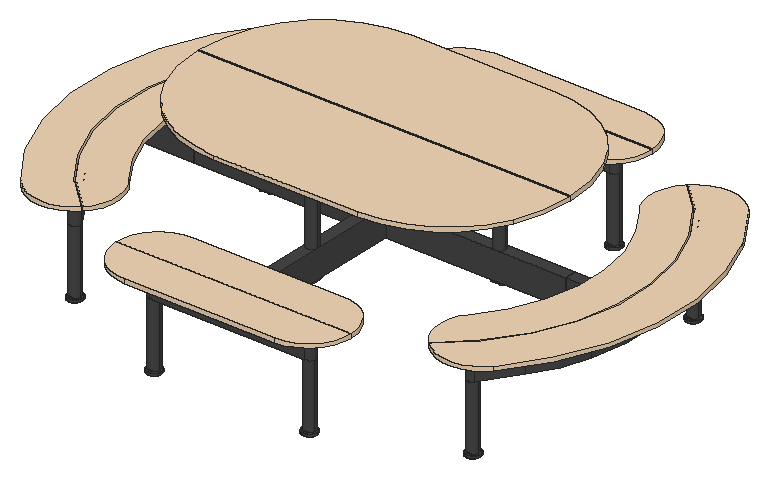
Revit family "DBLTD_TheSenatorGroup_OfficeTables_Tibo_US", category Furniture, Revit 2021 (continued)
Definition of nested family "Nested_DBLTD_TheSenatorGroup_OfficeTables_Tibo_Oval"
  Definition of nested family "Nested_DBLTD_TheSenatorGroup_OfficeTables_Tibo_EndBench"
    Forms (in)
      Extrusion 8, solid, material <- "FrameMaterial"
        sketch origin (-22.29482, -22.34042, 0) x (-0.829037, -0.559193, 0) y (0, 0, -1)
          loop
            arc (0.04845, -15.84485) -> (-0.50832, -16.07547) -> (-0.73895, -16.63225) r 0.7874
            line (-0.73895, -16.63225) -> (-0.73895, -16.88583) -> (9.79406, -16.88583) -> (9.79406, -16.63225)
            arc (9.79406, -16.63225) -> (9.56344, -16.07547) -> (9.00666, -15.84485) r 0.7874
            line (9.00666, -15.84485) -> (0.04845, -15.84485)
        from -0.89643 to -1.07208
      Extrusion 9, solid, material <- "FrameMaterial"
        sketch origin (-39.7755, 9.08434, 0) x (0.96363, -0.267238, 0) y (0, 0, 1)
          loop
            arc (9.00666, 15.84485) -> (9.56344, 16.07547) -> (9.79406, 16.63225) r 0.7874
            line (9.79406, 16.63225) -> (9.79406, 16.88583) -> (-0.73895, 16.88583) -> (-0.73895, 16.63225)
            arc (-0.73895, 16.63225) -> (-0.50832, 16.07547) -> (0.04846, 15.84485) r 0.7874
            line (0.04846, 15.84485) -> (9.00666, 15.84485)
        from -0.89642 to -1.07207
      Extrusion 10, solid, material <- "FrameMaterial"
        sketch origin (-39.7755, -9.08434, 0) x (0.96363, 0.267238, 0) y (0, 0, -1)
          loop
            line (9.00666, -15.84485) -> (0.04846, -15.84485)
            arc (0.04846, -15.84485) -> (-0.50832, -16.07547) -> (-0.73895, -16.63225) r 0.7874
            line (-0.73895, -16.63225) -> (-0.73895, -16.88583) -> (9.79406, -16.88583) -> (9.79406, -16.63225)
            arc (9.79406, -16.63225) -> (9.56344, -16.07547) -> (9.00666, -15.84485) r 0.7874
        from -0.89642 to -1.07207
    Lines and regions (in)
      symbolic lines
        curve 1: line (12.26739, 20.97279, 0) -> (12.02927, 21.11027, 0)
        curve 2: line (12.02927, -21.11027, 0) -> (12.26739, -20.97279, 0)
    Dimensions and locks (in)
      aligned and locked: level to plane 2
Types (3): name | WorksurfaceArea | Type Comments | TableType | Size | NumberOfChairs | NominalWidth | NominalDepth | ModelReference | ModelNumber | Model | Description
  Round Outdoor Table | 4.92612 m² | "Round Outdoor Table" | Nested_DBLTD_TheSenatorGroup_OfficeTables_Tibo_Round : Round | "87.68 x 87.09 x 2913 mm" | 6 | 87.67717" | 87.08661" | "Round Outdoor Table" | "TORD" | "TORD" | "Round Outdoor Table"
  Mid Oblong Outdoor Table | 5.49536 m² | "Mid Oblong Outdoor Table" | Nested_DBLTD_TheSenatorGroup_OfficeTables_Tibo_Oval : Oval Small | "104.02 x 81.89 x 2913 mm" | 8 | 104.01575" | 81.88976" | "Mid Oblong Outdoor Table" | "TOMO" | "TOMO" | "Mid Oblong Outdoor Table"
  Large Oblong Outdoor Table | 7.0304 m² | "Large Oblong Outdoor Table" | Nested_DBLTD_TheSenatorGroup_OfficeTables_Tibo_Oval : Oval Large | "133.07 x 81.89 x 2913 mm" | 8 | 133.07087" | 81.88976" | "Large Oblong Outdoor Table" | "TOLO" | "TOLO" | "Large Oblong Outdoor Table"
